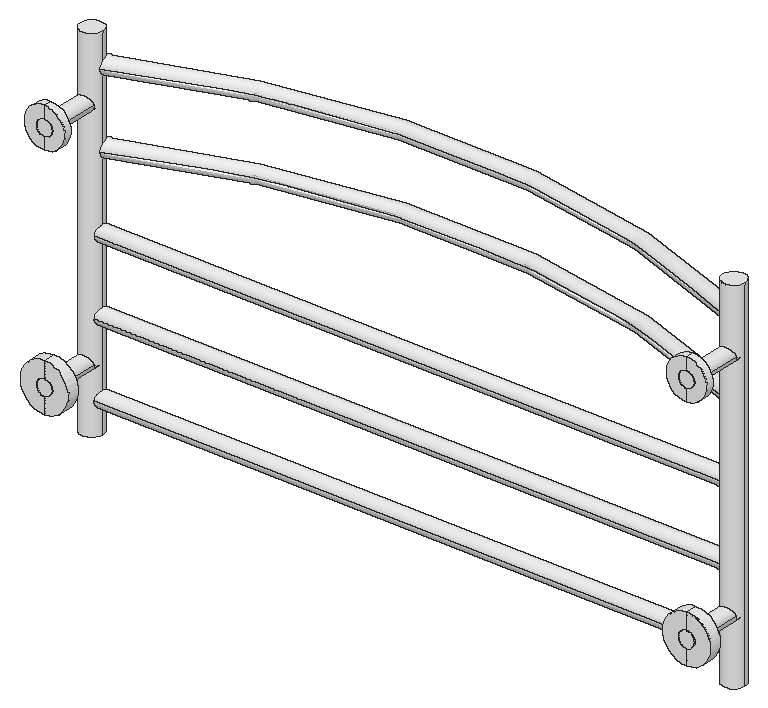
Revit family "LC-800", category Generic Models, host Wall, Revit 2017
Family settings
  Host = Wall
  Can host rebar = No
  Round Connector Dimension = Use Diameter
  Part Type = Normal
  Always vertical = Yes
  Cut with Voids When Loaded = No
  Shared = No
  Room Calculation Point = No
Parameters (values of type "800")
  URL = "http://www.sentakia.com"
  Teho = "kromi: 104 W maalattu: 135 W"
  Sentakia_Material_Default = Stainless Steel, Polished_sentakia
  Model = "LC-800"
  Materiaali = "kromattu messinki (CuZn36As)"
  Manufacturer = "Sentakia Oy"
  Leveys = 800 mm  # constant formula
  LVI = "5489952"
  Keynote = "6120"
  Height = 450 mm  # constant formula
  EAN = "4770046007658"
  Depth = 88 mm  # constant formula
  Assembly Code = ""
Reference planes
  plane 1 "Wall": y = 0
  plane 2 "Center (Left/Right)": x = 125
  plane 3 "Back": y = 75
  plane 4: z = 1900
  plane 5: y = 163
  plane 6: y = 135
  plane 7 "Center of lower handler": z = 1530
  plane 8: z = 1820
  plane 9: z = 1790
  plane 10: z = 1540
  plane 11: z = 1520
  plane 12 "r": x = 525
  plane 13 "l": x = -275
  plane 14: y = 149
  plane 15: y = 159
  plane 16: y = 139
  plane 17 "Tikas1": z = 1860
  plane 18 "Tikas2": z = 1767.5
  plane 19 "Tikas3": z = 1675
  plane 20 "Tikas4": z = 1582.5
  plane 21 "Bottom": z = 1450
  plane 22: y = 200
  plane 23 "Tikas5": z = 1490
  plane 24: y = 237
Forms (mm)
  Extrusion 1, solid, material "Stainless Steel, Polished_sentakia" <- "Sentakia_Material_Default", detail levels medium+fine
    sketch origin (0, 0, 0) x (1, 0, 0) y (0, 0, 1)
      loop
        circle (525, 1530) r 10
    from -149 to -75
  Extrusion 2, solid, material "Stainless Steel, Polished_sentakia" <- "Sentakia_Material_Default", detail levels medium+fine
    sketch origin (0, 0, 0) x (1, 0, 0) y (0, 0, 1)
      loop
        circle (-275, 1530) r 10
    from -149 to -75
  Extrusion 3, solid, material "Stainless Steel, Polished_sentakia" <- "Sentakia_Material_Default", detail levels medium+fine
    sketch origin (0, 0, 310) x (1, 0, 0) y (0, 0, 1)
      loop
        circle (-275, 1510) r 10
    from -149 to -75
  Extrusion 4, solid, material "Stainless Steel, Polished_sentakia" <- "Sentakia_Material_Default", detail levels medium+fine
    sketch origin (0, 0, 0) x (1, 0, 0) y (0, 1, 0)
      loop
        circle (-275, 149) r 14
    from 1450 to 1900
  Extrusion 5, solid, material "Stainless Steel, Polished_sentakia" <- "Sentakia_Material_Default", detail levels medium+fine
    sketch origin (0, 0, 0) x (1, 0, 0) y (0, 1, 0)
      loop
        circle (525, 149) r 14
    from 1450 to 1900
  Revolve 6, solid, material "Stainless Steel, Polished_sentakia" <- "Sentakia_Material_Default", detail levels medium+fine
    sketch origin (525, 0, 0) x (0, 0, 1) y (0, 1, 0)
      loop
        line (1540, 75.434) -> (1560, 75.434) -> (1560, 90) -> (1540, 101.538) -> (1540, 75.434)
      axis (1530, 75.434) -> (1530, 101.538)
    angle from 0 to 360
  Revolve 7, solid, material "Stainless Steel, Polished_sentakia" <- "Sentakia_Material_Default", detail levels medium+fine
    sketch origin (-275, 0, 0) x (0, 0, 1) y (0, 1, 0)
      loop
        line (1540, 75) -> (1560, 75) -> (1560, 90) -> (1540, 101.538) -> (1540, 75)
      axis (1530, 75) -> (1530, 101.538)
    angle from 0 to 360
  Revolve 8, solid, material "Stainless Steel, Polished_sentakia" <- "Sentakia_Material_Default", detail levels medium+fine
    sketch origin (525, 0, 0) x (0, 0, 1) y (0, 1, 0)
      loop
        line (1830, 75) -> (1845, 75) -> (1845, 85) -> (1830, 85) -> (1830, 75)
      axis (1820, 75) -> (1820, 85)
    angle from 0 to 360
  Revolve 9, solid, material "Stainless Steel, Polished_sentakia" <- "Sentakia_Material_Default", detail levels medium+fine
    sketch origin (-275, 0, 0) x (0, 0, 1) y (0, 1, 0)
      loop
        line (1830, 75) -> (1845, 75) -> (1845, 85) -> (1830, 85) -> (1830, 75)
      axis (1820, 75) -> (1820, 85)
    angle from 0 to 360
  Extrusion 10, solid, material "Stainless Steel, Polished_sentakia" <- "Sentakia_Material_Default", detail levels medium+fine
    sketch origin (0, 0, 0) x (1, 0, 0) y (0, 0, 1)
      loop
        circle (525, 1820) r 10
    from -149 to -75
  Extrusion 11, solid, material "Stainless Steel, Polished_sentakia" <- "Sentakia_Material_Default", detail levels coarse
    sketch origin (125, 0, 0) x (0, 1, 0) y (0, 0, 1)
      loop
        line (200, 1900) -> (75, 1900) -> (75, 1450) -> (200, 1450) -> (200, 1900)
    from -400 to 400
  Extrusion 12, solid, material "Stainless Steel, Polished_sentakia" <- "Sentakia_Material_Default", detail levels medium+fine
    sketch origin (125, 0, 0) x (0, 1, 0) y (0, 0, 1)
      loop
        circle (149, 1675) r 10
    from -400 to 400
  Extrusion 13, solid, material "Stainless Steel, Polished_sentakia" <- "Sentakia_Material_Default", detail levels medium+fine
    sketch origin (125, 0, -199.015) x (0, 1, 0) y (0, 0, 1)
      loop
        circle (149, 1689.015) r 10
    from -400 to 400
  Extrusion 14, solid, material "Stainless Steel, Polished_sentakia" <- "Sentakia_Material_Default", detail levels medium+fine
    sketch origin (125, 0, -156.667) x (0, 1, 0) y (0, 0, 1)
      loop
        circle (149, 1739.167) r 10
    from -400 to 400
  Sweep 15, solid, material "Stainless Steel, Polished_sentakia" <- "Sentakia_Material_Default", detail levels medium+fine
    path origin (0, 0, 1860) x (0, 1, 0) y (-1, 0, 0)
      loop
        arc (149, 275) -> (237, -125) -> (149, -525) r 953.091
    profile origin (125, 237, 1860) x (0, 1, 0) y (0, 0, 1)
      loop
        circle (0, 0) r 10
  Sweep 16, solid, material "Stainless Steel, Polished_sentakia" <- "Sentakia_Material_Default", detail levels medium+fine
    path origin (0, 0, 1767.5) x (0, 1, 0) y (-1, 0, 0)
      loop
        arc (149, 275) -> (237, -125) -> (149, -525) r 953.091
    profile origin (125, 237, 1767.5) x (0, 1, 0) y (0, 0, 1)
      loop
        circle (0, 0) r 10
Cuts and joins
  joined: Extrusion 4, Extrusion 5, Extrusion 12, Extrusion 13, Extrusion 14, Sweep 15, Sweep 16
Text (mm)
  text "Placement Side" at (-1848.837, 1116.779, 0), in view "Ref. Level"
  text "Placement side" at (0, 1409.804, 2854.306), in view "Left"
  text "Placement side" at (0, 499.811, 2980.732), in view "Right"
Dimensions and locks
  locked: plane 3 "Back" to host wall
  "Depth": plane 5 to host wall
  locked: plane 5 to plane 6 at 28
  "Leveys": plane 13 "l" to plane 12 "r"
  plane 8 to level = 1820 mm
  locked: host wall to plane 14 at 74
  locked: plane 15 to plane 16 at 20
  plane 21 "Bottom" to plane 7 "Center of lower handler" = 80 mm
  plane 4 to plane 8 = 80 mm
  equal spacing: plane 13 "l", plane 2 "Center (Left/Right)", plane 12 "r"
  "Height": plane 21 "Bottom" to plane 4
  equal spacing: plane 23 "Tikas5", plane 20 "Tikas4", plane 19 "Tikas3", plane 18 "Tikas2", plane 17 "Tikas1"
  plane 22 to Extrusion 11 = 125 mm
  plane 24 to host wall = 162 mm
  locked: plane 8 to plane 4 at 80
  locked: plane 21 "Bottom" to plane 7 "Center of lower handler" at 80
  aligned and locked: plane 1 "Wall" to host wall
  aligned and locked: Extrusion 1 to host wall
  aligned and locked: Extrusion 2 to host wall
  aligned and locked: Extrusion 3 to host wall
  aligned and locked: Extrusion 2 to plane 14
  aligned and locked: Extrusion 1 to Extrusion 2
  aligned and locked: plane 4 to Extrusion 4
  aligned and locked: plane 4 to Extrusion 5
  aligned and locked: Revolve 8 sketch curve to plane 8
  aligned and locked: Revolve 9 sketch curve to plane 8
  aligned and locked: Extrusion 10 to host wall
  aligned and locked: plane 13 "l" to Extrusion 3 sketch curve
  aligned and locked: plane 7 "Center of lower handler" to Revolve 7 sketch curve
  aligned and locked: Revolve 6 sketch curve to plane 7 "Center of lower handler"
  aligned and locked: plane 12 "r" to Extrusion 10 sketch curve
  aligned and locked: plane 8 to Extrusion 10 sketch curve
  aligned and locked: Extrusion 3 to Extrusion 10
  aligned and locked: Extrusion 10 to plane 14
  aligned and locked: plane 3 "Back" to Revolve 7
  aligned and locked: cut or joined group of Extrusion 4, Extrusion 5, Extrusion 12, Extrusion 13, Extrusion 14, Sweep 15, Sweep 16 to plane 21 "Bottom"  (x2)
  aligned and locked: plane 4 to Extrusion 11
  aligned and locked: Extrusion 11 to cut or joined group of Extrusion 4, Extrusion 5, Extrusion 12, Extrusion 13, Extrusion 14, Sweep 15, Sweep 16
  aligned and locked: Extrusion 11 to plane 12 "r"
  aligned and locked: plane 13 "l" to Extrusion 11
  aligned and locked: Extrusion 11 to host wall
  aligned and locked: Extrusion 11 to plane 22
  aligned and locked: Extrusion 12 to plane 12 "r"
  aligned and locked: plane 13 "l" to Extrusion 12
  aligned and locked: plane 19 "Tikas3" to Extrusion 12 sketch curve
  aligned and locked: plane 23 "Tikas5" to Extrusion 13 sketch curve
  aligned and locked: plane 20 "Tikas4" to Extrusion 14 sketch curve
  aligned and locked: Extrusion 14 to plane 12 "r"
  aligned and locked: plane 13 "l" to Extrusion 14
  aligned and locked: plane 13 "l" to Extrusion 13
  aligned and locked: Extrusion 13 to plane 12 "r"
  aligned and locked: plane 14 to Sweep 15 sketch curve  (x2)
  aligned and locked: profile plane to Sweep 15 sketch curve
  aligned and locked: profile plane to Sweep 16 sketch curve
Automatic sketch dimensions
  Extrusion 1 sketch curve to plane 7 "Center of lower handler" = 0 mm
  plane 12 "r" to Extrusion 1 sketch curve = 0 mm
  Extrusion 2 sketch curve to plane 7 "Center of lower handler" = 0 mm
  plane 13 "l" to Extrusion 2 sketch curve = 0 mm
  Extrusion 3 sketch curve to plane 8 = 0 mm
  Extrusion 4 sketch curve to plane 13 "l" = 0 mm
  plane 14 to Extrusion 4 sketch curve = 0 mm
  Extrusion 5 sketch curve to plane 12 "r" = 0 mm
  plane 14 to Extrusion 5 sketch curve = 0 mm
  Revolve 8 sketch curve to host wall = 0 mm  (x2)
  plane 8 to Revolve 8 sketch curve = 10 mm
  Revolve 8 sketch curve to plane 17 "Tikas1" = 15 mm
  host wall to Revolve 8 sketch curve = 10 mm
  plane 6 to Revolve 8 sketch curve = 20 mm
  Revolve 9 sketch curve to host wall = 0 mm  (x2)
  Revolve 9 sketch curve to Revolve 9 sketch curve = 10 mm
  Revolve 9 sketch curve to plane 17 "Tikas1" = 15 mm
  host wall to Revolve 9 sketch curve = 10 mm
  plane 6 to Revolve 9 sketch curve = 20 mm
  Extrusion 11 sketch curve to host wall = 0 mm
  Extrusion 11 sketch curve to plane 21 "Bottom" = 0 mm
  Extrusion 11 sketch curve to plane 22 = 0 mm
  Extrusion 11 sketch curve to plane 4 = 0 mm
  Extrusion 12 sketch curve to plane 14 = 0 mm
  Extrusion 13 sketch curve to plane 14 = 0 mm
  Extrusion 14 sketch curve to plane 14 = 0 mm
  Sweep 15 sketch curve to plane 2 "Center (Left/Right)" = 0 mm
  Sweep 15 sketch curve to plane 12 "r" = 0 mm
  plane 1 "Wall" to Sweep 15 sketch curve = 716.091 mm
  Sweep 15 sketch curve to profile plane = 0 mm
  Sweep 16 sketch curve to profile plane = 0 mm
  Sweep 16 sketch curve to plane 2 "Center (Left/Right)" = 0 mm
  Sweep 16 sketch curve to plane 12 "r" = 0 mm
  plane 14 to Sweep 16 sketch curve = 0 mm
  Sweep 16 sketch curve to plane 13 "l" = 0 mm
  plane 1 "Wall" to Sweep 16 sketch curve = 716.091 mm
  Revolve 7 sketch curve to plane 10 = 0 mm
  Revolve 7 sketch curve to host wall = 0 mm
  Revolve 7 sketch curve to Revolve 7 sketch curve = 20 mm
  Revolve 7 sketch curve to host wall = 0.781 mm
  host wall to Revolve 7 sketch curve = 15 mm
  Revolve 7 sketch curve to Revolve 7 sketch curve = 11.538 mm
  plane 6 to Revolve 7 sketch curve = 13.43 mm
  Revolve 6 sketch curve to plane 10 = 0 mm
  host wall to Revolve 6 sketch curve = 0.434 mm
  Revolve 6 sketch curve to Revolve 6 sketch curve = 20 mm
  Revolve 6 sketch curve to host wall = 0.781 mm
  Revolve 6 sketch curve to Revolve 6 sketch curve = 14.566 mm
  Revolve 6 sketch curve to Revolve 6 sketch curve = 11.538 mm
  plane 6 to Revolve 6 sketch curve = 13.43 mm
  radius of Extrusion 1 sketch curve = 10 mm
  radius of Extrusion 2 sketch curve = 10 mm
  radius of Extrusion 3 sketch curve = 10 mm
  radius of Extrusion 4 sketch curve = 14 mm
  radius of Extrusion 5 sketch curve = 14 mm
  radius of Extrusion 10 sketch curve = 10 mm
  radius of Extrusion 12 sketch curve = 10 mm
  radius of Extrusion 13 sketch curve = 10 mm
  radius of Extrusion 14 sketch curve = 10 mm
  radius of Sweep 15 sketch curve = 10 mm
  radius of Sweep 16 sketch curve = 10 mm
Connectors
  piping at (525, 75, 1530), diameter 12
    settings: on Extrusion 1, index 1, connector inside diameter 609.6 mm, connector length 0 mm, flow factor 0, pipe flow 0.0 L/s, pressure drop 0.0 Pa, fitting loss kfactor 0, connector angle 0.00°, fixture units 0, engagement length 0 mm, angle of deflection 0.00°, flow configuration 0, flow direction 0, fitting loss method 0, system type 22, joint type 0, gender type 0, connector reference index -1, connector utility 0, adjustable connector no, is connector primary yes, connector description ""
  piping at (525, 75, 1530), diameter 12
    settings: on Extrusion 1, index 2, connector inside diameter 609.6 mm, connector length 0 mm, flow factor 0, pipe flow 0.0 L/s, pressure drop 0.0 Pa, fitting loss kfactor 0, connector angle 0.00°, fixture units 0, engagement length 0 mm, angle of deflection 0.00°, flow configuration 0, flow direction 0, fitting loss method 0, system type 22, joint type 0, gender type 0, connector reference index -1, connector utility 0, adjustable connector no, is connector primary no, connector description ""
  piping at (-275, 75, 1530), diameter 12
    settings: on Extrusion 2, index 3, connector inside diameter 609.6 mm, connector length 0 mm, flow factor 0, pipe flow 0.0 L/s, pressure drop 0.0 Pa, fitting loss kfactor 0, connector angle 0.00°, fixture units 0, engagement length 0 mm, angle of deflection 0.00°, flow configuration 0, flow direction 0, fitting loss method 0, system type 22, joint type 0, gender type 0, connector reference index -1, connector utility 0, adjustable connector no, is connector primary no, connector description ""
